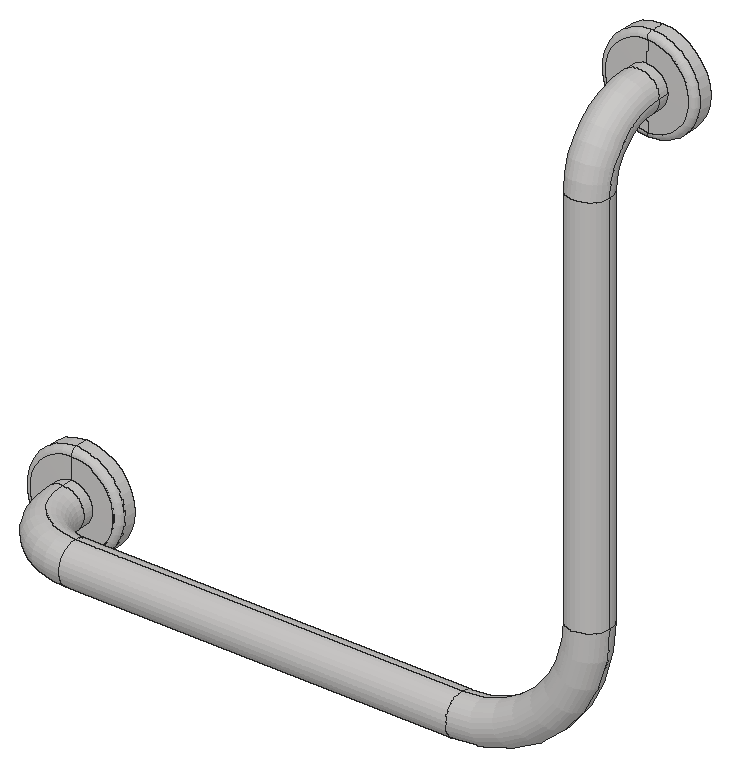
Revit family "RBA4098-450", category Plumbing Fixtures, Revit 2021
Family settings
  Round Connector Dimension = Use Diameter
  Part Type = Normal
  Work Plane-Based = No
  Always vertical = Yes
  Cut with Voids When Loaded = No
  Shared = Yes
  Room Calculation Point = No
Parameters
  Watermarked By = "www.rba.com.au"
  URL = "www.rba.com.au"
  Phone Number = ""
  OFFSET [instance] = 800.00 mm
  Modified Issue = "20200227.01"
  Model = "RBA4098-450"
  Materials and Finishes = Bright Polished Stainless Steel
  Manufacturer = "RBA Group"
  Lgth = 900.00 mm
  Diameter = 32.00 mm
  Description = "90° Ambulant Angled Grab Rail"
  Default Elevation = 0.00 mm
  Copyright by = "RBA Group"  # constant formula
Reference planes
  plane 1 "Center (Front/Back)": y = 0
  plane 2: z = 0
  plane 3 "Center (Left/Right)": x = 0
  plane 4: z = 800
  plane 5: z = 784
  plane 6: z = 1234
  plane 7: y = -55
  plane 8: y = -71
  plane 9: y = -87
  plane 10: x = -16
Forms (mm)
  Revolve 1, solid, material "Bright Polished Stainless Steel" <- "Materials and Finishes"
    sketch origin (0, 0, 0.016) x (0, 1, 0) y (0, 0, 1)
      loop
        line (-14.798, 1233.984) -> (0, 1233.984) -> (0, 1271.484) -> (-9.683, 1271.484)
        arc (-9.683, 1271.484) -> (-13.194, 1270.036) -> (-14.663, 1266.534) r 4.979
        arc (-14.663, 1266.534) -> (-14.721, 1258.245) -> (-14.798, 1249.984) r 3642.758
        line (-14.798, 1249.984) -> (-14.798, 1233.984)
      axis (0, 1233.984) -> (-14.798, 1233.984)
    angle from 0 to 360
  Extrusion 2, void
    sketch origin (0, 0, 0) x (1, 0, 0) y (0, 0, 1)
      loop
        circle (0, 1234) r 36
    from 0 to 2.847
  Extrusion 3, void
    sketch origin (0, 0, 0) x (1, 0, 0) y (0, 0, 1)
      loop
        circle (27.5, 1233.984) r 5
      loop
        circle (-27.5, 1233.984) r 5
    from 2.847 to 5.822
  Sweep 4, solid, material "Bright Polished Stainless Steel" <- "Materials and Finishes"
    path origin (0, 0, 0) x (0, 1, 0) y (0, 0, 1)
      loop
        line (-14.798, 1234) -> (-23, 1234)
        arc (-23, 1234) -> (-56.941, 1219.941) -> (-71, 1186) r 48
    profile origin (0, -18.899, 1234) x (0, 0, -1) y (1, 0, 0)
      loop
        circle (0, 0) r 16
  Revolve 5, solid, material "Bright Polished Stainless Steel" <- "Materials and Finishes"
    sketch origin (-450, 0, -449.984) x (0, 1, 0) y (0, 0, 1)
      loop
        line (-14.798, 1233.984) -> (0, 1233.984) -> (0, 1271.484) -> (-9.683, 1271.484)
        arc (-9.683, 1271.484) -> (-13.194, 1270.036) -> (-14.663, 1266.534) r 4.979
        arc (-14.663, 1266.534) -> (-14.721, 1258.245) -> (-14.798, 1249.984) r 3642.758
        line (-14.798, 1249.984) -> (-14.798, 1233.984)
      axis (0, 1233.984) -> (-14.798, 1233.984)
    angle from 0 to 360
  Extrusion 6, void
    sketch origin (-450, 0, -450) x (1, 0, 0) y (0, 0, 1)
      loop
        circle (0, 1234) r 36
    from 0 to 2.847
  Sweep 7, solid, material "Bright Polished Stainless Steel" <- "Materials and Finishes"
    path origin (784, 0, 784) x (0, 1, 0) y (-1, 0, 0)
      loop
        line (-14.798, 1234) -> (-23, 1234)
        arc (-23, 1234) -> (-56.941, 1219.941) -> (-71, 1186) r 48
    profile origin (-450, -18.899, 784) x (1, 0, 0) y (0, 0, 1)
      loop
        circle (0, 0) r 16
  Sweep 8, solid, material "Bright Polished Stainless Steel" <- "Materials and Finishes"
    path origin (0, -71, 0) x (1, 0, 0) y (0, 0, 1)
      loop
        line (0, 1186) -> (0, 884)
        arc (0, 884) -> (-29.289, 813.289) -> (-100, 784) r 100
        line (-100, 784) -> (-402, 784)
    profile origin (0, -71, 1035) x (0, -1, 0) y (1, 0, 0)
      loop
        circle (0, 0) r 16
  Extrusion 9, void
    sketch origin (0, 0, 0) x (1, 0, 0) y (0, 0, 1)
      loop
        circle (-477.5, 783.984) r 5
      loop
        circle (-422.5, 783.984) r 5
    from 2.847 to 5.822
Cuts and joins
  Extrusion 2, Extrusion 3 cuts Revolve 1
  Extrusion 6, Extrusion 9 cuts Revolve 5
  joined: Revolve 1, Sweep 4, Revolve 5, Sweep 7, Sweep 8
Dimensions and locks
  plane 6 to plane 5 = 450.00 mm
  aligned and locked: level to plane 2
